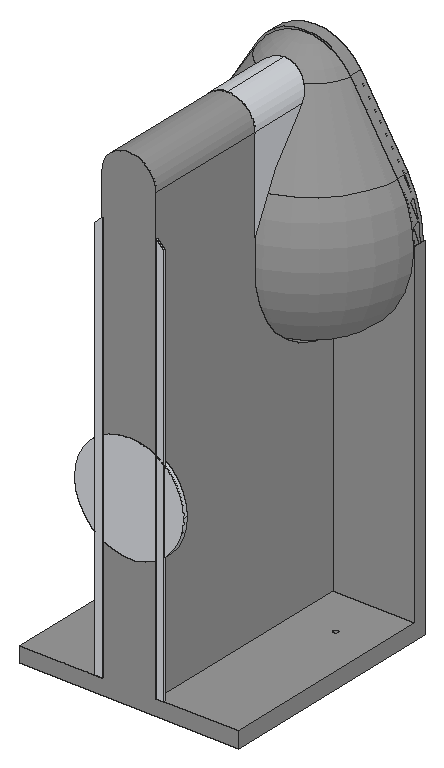
Revit family "Toilet-Willoughby-ASETF-1490-FM-FA-12-TS", category Plumbing Fixtures, Revit 2015
Parameters (values of type "Standard")
  Waste DIA = 2 3/8"
  Waste Connection = yes
  W-RAD [instance] = Waste DIA / 2  # 0' - 1 3/16"
  Vent Connection = no
  URL = "https://www.willoughby-ind.com/wp-content/uploads/2018/01/ASETF-1490-FM-FA.pdf"
  Type Comments = ""
  Revision = "A"
  Model = "ASETW-1490-FM-FA-10-TS"
  Manufacturer = "Willoughby Industries"
  HW Connection = no
  Flush inlet DIA = 1 1/2"
  Flush Inlet Connection = yes
  Fixture Body = Stainless Steel AISI 304-Willoughby
  F-RAD [instance] = Flush inlet DIA / 2  # 0' - 0 3/4"
  Description = "1490 Front Access, Ligature-Resistant, Floor Outlet and Mounted, Siphon Jet, 10\" Rough In"
  Default Elevation = 0' - 0"
  Contact Number = "(800) 428-4065"
  CW Connection = no
Reference planes (in)
  plane 1 "Base": y = -16.25
  plane 2: z = 0
  plane 3 "Center": x = 18.31072
  plane 4 "Seat HGT": y = -1.25
  plane 5: y = -2.125
  plane 6: x = 16.56072
  plane 7: x = 20.06072
  plane 8: x = 13.81072
  plane 9: x = 22.81072
  plane 10: z = 2.70924
  plane 11: z = -3
  plane 12: z = 25
  plane 13 "ext1": y = -8.29114
Forms (in)
  Extrusion 1, solid, material "Stainless Steel AISI 304-Willoughby" <- "Fixture Body"
    sketch origin (16.08109, 7.47968, -0.1422) x (-1, 0, 0) y (0, 0, -1)
      loop
        line (4.79769, -22.8922) -> (4.83287, -22.8922) -> (4.83287, -1.1422) -> (-9.29213, -1.1422) -> (-9.29213, -22.8922) -> (-9.20219, -22.8922)
        arc (-9.20219, -22.8922) -> (-8.94577, -24.74051) -> (-8.21015, -26.45542) r 7
        line (-8.21015, -26.45542) -> (-5.16818, -31.31054)
        arc (-5.16818, -31.31054) -> (-2.20225, -32.95225) -> (0.76368, -31.31054) r 3.5
        line (0.76368, -31.31054) -> (3.80565, -26.45542)
        arc (3.80565, -26.45542) -> (4.54128, -24.74051) -> (4.79769, -22.8922) r 7
      loop
        arc (2.03989, -24.70557) -> (-2.20225, -18.23804) -> (-6.44438, -24.70557) r 4.625
        line (-6.44438, -24.70557) -> (-4.04125, -30.23842)
        arc (-4.04125, -30.23842) -> (-2.20225, -31.45225) -> (-0.36324, -30.23842) r 2
        line (-0.36324, -30.23842) -> (2.03989, -24.70557)
    from 8.72968 to 9.5
  Revolve 2, solid, material "Stainless Steel AISI 304-Willoughby" <- "Fixture Body"
    sketch origin (19.37981, -1.52032, 3.06635) x (-1, 0, 0) y (0, 0, -1)
      loop
        line (1.06174, -12.59906) -> (1.06174, -12.84906)
        arc (1.06174, -12.84906) -> (6.96784, -16.33096) -> (6.78077, -23.18447) r 6.75
        line (6.78077, -23.18447) -> (5.22309, -25.66909)
        arc (5.22309, -25.66909) -> (3.40303, -27.84141) -> (1.06174, -29.43826) r 10.34445
        line (1.06174, -29.43826) -> (1.06174, -29.68826)
        arc (1.06174, -29.68826) -> (2.75672, -29.25045) -> (4.02767, -28.04656) r 3.5
        line (4.02767, -28.04656) -> (7.06964, -23.19143)
        arc (7.06964, -23.19143) -> (7.15052, -16.14555) -> (1.06174, -12.59906) r 7
      axis (1.06174, -12.59906) -> (1.06174, -29.68826)
    angle from 0 to -180
  Extrusion 3, solid, material "Stainless Steel AISI 304-Willoughby" <- "Fixture Body"
    sketch origin (19.53334, -3.02032, 2.0492) x (0, 1, 0) y (0, 0, 1)
      loop
        line (-5.27082, -1.0492) -> (1, -1.0492) -> (1, 13.80524)
        arc (1, 13.80524) -> (-3.15813, 15.45207) -> (-5.27082, 19.39398) r 6.50625
        line (-5.27082, 19.39398) -> (-5.27082, -1.0492)
    from 0.52738 to -2.97262
  Extrusion 4, solid, material "Stainless Steel AISI 304-Willoughby" <- "Fixture Body"
    sketch origin (0, 1.11185, 0) x (1, 0, 0) y (0, 0, 1)
      loop
        circle (18.31072, 2.70924) r 0.75
    from 2.36185 to 1.42435
  Extrusion 5, solid, material "Stainless Steel AISI 304-Willoughby" <- "Fixture Body"
    sketch origin (0, -16.25, 0) x (1, 0, 0) y (0, 0, 1)
      loop
        line (25.37322, 0) -> (25.37322, 1) -> (11.2834, 1) -> (11.2834, 0) -> (25.37322, 0)
    from -15 to 0
  Extrusion 6, solid, material "Stainless Steel AISI 304-Willoughby" <- "Fixture Body"
    sketch origin (0, -16.25, 7) x (1, 0, 0) y (0, 0, 1)
      loop
        line (20.06072, -6) -> (20.06072, 23.23467)
        arc (20.06072, 23.23467) -> (18.31072, 24.98467) -> (16.56072, 23.23467) r 1.75
        line (16.56072, 23.23467) -> (16.56072, -6) -> (20.06072, -6)
    from 0 to -7.95886
  Extrusion 7, solid
    sketch origin (0, -16.25, 7) x (1, 0, 0) y (0, 0, 1)
      loop
        line (20.06072, -6) -> (20.56072, -6) -> (20.56072, 20.125) -> (20.06072, 20.625) -> (20.06072, -6)
      loop
        line (16.58416, -6) -> (16.58416, 20.625) -> (16.08416, 20.125) -> (16.08416, -6) -> (16.58416, -6)
    from 0 to -0.0625
  Extrusion 8, solid
    sketch origin (0, -16.25, 0) x (1, 0, 0) y (0, 0, 1)
      loop
        circle (18.32831, 12) r 3.5
    from 0 to -0.25
  Extrusion 9, void
    sketch origin (0, 0, 0) x (1, 0, 0) y (0, 1, 0)
      loop
        circle (22.82831, -5.25) r 0.15625
      loop
        circle (13.82831, -5.25) r 0.15625
    from -0.25 to 1
  Extrusion 10, solid
    sketch origin (18.31072, 0, 0) x (0, 1, 0) y (0, 0, 1)
      loop
        line (-8.29114, 31.98467) -> (-8.29114, 24.23467)
        arc (-8.29114, 24.23467) -> (-5.97081, 28.5212) -> (-2.54114, 31.98467) r 17.19944
        line (-2.54114, 31.98467) -> (-8.29114, 31.98467)
    from -1.75 to 1.75
  Extrusion 11, void
    sketch origin (0, -8.29114, 0) x (-1, 0, 0) y (0, 0, 1)
      loop
        line (-16.56072, 30.23467) -> (-16.56072, 31.98467) -> (-18.31072, 31.98467)
        arc (-18.31072, 31.98467) -> (-17.07328, 31.4721) -> (-16.56072, 30.23467) r 1.75
    from 0 to 5.75
  Extrusion 12, void
    sketch origin (0, -8.29114, 0) x (-1, 0, 0) y (0, 0, 1)
      loop
        arc (-20.06072, 30.23467) -> (-19.54816, 31.4721) -> (-18.31072, 31.98467) r 1.75
        line (-18.31072, 31.98467) -> (-20.06072, 31.98467) -> (-20.06072, 30.23467)
    from 0 to 5.75
Cuts and joins
  Extrusion 9, Extrusion 11, Extrusion 12 cuts Extrusion 1
  Extrusion 9, Extrusion 11, Extrusion 12 cuts Extrusion 3
  Extrusion 9, Extrusion 11, Extrusion 12 cuts Extrusion 5
  Extrusion 9, Extrusion 11, Extrusion 12 cuts Extrusion 6
  joined: Extrusion 1, Extrusion 3, Extrusion 5, Extrusion 6
  Extrusion 11, Extrusion 12 cuts Extrusion 10
Lines and regions (in)
  symbolic lines
    curve 1: line (11.28334, -2.02032, 0) -> (11.28334, -1.25, 0)
    curve 2: line (11.28334, -1.25, 0) -> (25.28334, -1.25, 0)
    curve 3: line (25.28334, -1.25, 0) -> (25.28334, -2.02032, 0)
    curve 4: arc (25.28334, -2.02032, 0) -> (23.0776, -6.6446, 0) -> (18.31072, -8.52239, 0) r 6.98983
    curve 5: arc (18.31072, -8.52239, 0) -> (13.52369, -6.64758, 0) -> (11.28334, -2.02032, 0) r 7.04842
    curve 6: line (22.81072, -6.88104, 0) -> (22.81072, -16.25, 0)
    curve 7: line (22.81072, -16.25, 0) -> (13.81072, -16.25, 0)
    curve 8: line (13.81072, -16.25, 0) -> (13.81072, -6.89908, 0)
    curve 9: line (16.56072, -8.30173, 0) -> (16.56072, -16.25, 0)
    curve 10: line (20.06072, -8.29974, 0) -> (20.06072, -16.25, 0)
    curve 11: line (14.78334, -16.25, 9.65867) -> (14.78334, -16.25, 1)
    curve 12: line (14.78334, -16.25, 1) -> (13.81072, -16.25, 1)
    curve 13: line (13.81072, -16.25, 1) -> (13.81072, -16.25, 0)
    curve 14: line (13.81072, -16.25, 0) -> (22.81072, -16.25, 0)
    curve 15: line (22.81072, -16.25, 0) -> (22.81072, -16.25, 1)
    curve 16: line (22.81072, -16.25, 1) -> (21.81072, -16.25, 1)
    curve 17: line (21.81072, -16.25, 1) -> (21.81072, -16.25, 9.67456)
    curve 18: arc (21.81072, -16.25, 9.67456) -> (25.08799, -16.25, 13.93608) -> (24.32597, -16.25, 19.25778) r 6.9206
    curve 19: line (24.32597, -16.25, 19.25778) -> (21.24927, -16.25, 24.16835)
    curve 20: arc (21.24927, -16.25, 24.16835) -> (19.97832, -16.25, 25.37224) -> (18.28334, -16.25, 25.81005) r 3.5
    curve 21: arc (18.28334, -16.25, 25.81005) -> (16.58835, -16.25, 25.37224) -> (15.31741, -16.25, 24.16835) r 3.5
    curve 22: line (15.31741, -16.25, 24.16835) -> (12.35249, -16.25, 19.43905)
    curve 23: arc (12.35249, -16.25, 19.43905) -> (11.49002, -16.25, 14.03241) -> (14.78334, -16.25, 9.65867) r 7
    curve 29: line (18.31072, -8.4296, 16.67525) -> (18.31072, -16.25, 16.67525)
    curve 30: line (18.31072, -16.25, 16.67525) -> (18.31072, -16.25, 0)
    curve 31: line (18.31072, -16.25, 0) -> (18.31072, -1.25, 0)
    curve 32: line (18.31072, -1.25, 0) -> (18.31072, -1.25, 25.81005)
    curve 33: line (18.31072, -1.25, 25.81005) -> (18.31072, -2.02032, 25.81005)
    curve 34: arc (18.31072, -2.02032, 25.81005) -> (18.31072, -3.29152, 25.30605) -> (18.31072, -4.30177, 24.38445) r 3.79748
    curve 35: line (18.31072, -4.30177, 24.38445) -> (18.31072, -7.52822, 19.25778)
    curve 36: arc (18.31072, -7.52822, 19.25778) -> (18.31072, -8.12539, 18.01764) -> (18.31072, -8.4296, 16.67525) r 6.10578
    curve 37: arc (18.31072, -8.4296, 16.67525) -> (18.31072, -8.31403, 15.24489) -> (18.31072, -8.29114, 13.81005) r 22.19593
    curve 38: arc (18.31072, -8.29114, 13.81005) -> (18.31072, -5.95289, 10.31029) -> (18.31072, -2.02032, 8.81005) r 6.92744
    curve 39: line (18.31072, -1.25, 9.65867) -> (18.31072, -2.02032, 9.65867)
    curve 40: line (18.31072, -2.02032, 9.65867) -> (18.31072, -2.02032, 1)
    curve 41: line (18.31072, -2.02032, 1) -> (18.31072, -16.25, 1)
    curve 42: line (20.06072, -8.29974, 0) -> (20.06072, -4.61725, 0)
    curve 43: line (16.56072, -4.5864, 0) -> (16.56072, -8.30173, 0)
    curve 44: line (18.31072, -8.30956, 24.98711) -> (18.31072, -3.72908, 24.98711)
  symbolic lines, detail levels fine
    curve 24: arc (14.0412, -16.25, 17.56337) -> (18.28334, -16.25, 11.09585) -> (22.52547, -16.25, 17.56337) r 4.625
    curve 25: line (22.52547, -16.25, 17.56337) -> (20.12234, -16.25, 23.09622)
    curve 26: arc (20.12234, -16.25, 23.09622) -> (19.38317, -16.25, 23.97635) -> (18.28334, -16.25, 24.31005) r 2.01767
    curve 27: arc (18.28334, -16.25, 24.31005) -> (17.17969, -16.25, 23.98213) -> (16.44433, -16.25, 23.09622) r 1.9827
    curve 28: line (16.44433, -16.25, 23.09622) -> (14.0412, -16.25, 17.56337)
Dimensions and locks (in)
  locked: plane 1 "Base" to plane 4 "Seat HGT" at 15
  plane 8 to plane 3 "Center" = 0' - 4 1/2"
  plane 8 to plane 9 = 0' - 9"
  plane 12 to level = 2' - 1"
  "F-RAD": radius of Extrusion 4 sketch curve
  aligned and locked: plane 3 "Center" to Extrusion 4 sketch curve
  aligned and locked: plane 10 to Extrusion 4 sketch curve
  aligned and locked: Extrusion 1 to Revolve 2
  aligned and locked: cut or joined group of Extrusion 1, Extrusion 3, Extrusion 5, Extrusion 6, Extrusion 9, Extrusion 11, Extrusion 12 to Extrusion 1
  aligned and locked: Extrusion 7 to cut or joined group of Extrusion 1, Extrusion 3, Extrusion 5, Extrusion 6, Extrusion 9, Extrusion 11, Extrusion 12
  aligned and locked: plane 13 "ext1" to cut or joined group of Extrusion 1, Extrusion 3, Extrusion 5, Extrusion 6, Extrusion 9, Extrusion 11, Extrusion 12
Automatic sketch dimensions
  curve 20 to curve 21 = 0' - 0"  (x2)
  curve 23 to curve 24 = 0' - 0"  (x2)
  curve 14 to level = 0' - 0"
  curve 14 to plane 8 = 0' - 0"
  curve 15 to plane 9 = 0' - 0"
  curve 22 to plane 8 = 0' - 1.45823"
  plane 8 to curve 28 = 0' - 0 59/256"
  curve 12 to curve 11 = 0' - 0.97262"
  curve 22 to plane 6 = 0' - 1.24331"
  curve 28 to plane 6 = 0' - 0.11639"
  curve 26 to plane 3 "Center" = 0' - 0.03902"
  curve 26 to curve 27 = 0' - 0.0002"
  curve 24 to plane 3 "Center" = 0' - 0.02738"
  curve 27 to curve 21 = 0' - 0.01144"
  plane 3 "Center" to curve 18 = 0' - 0.08339"
  plane 7 to curve 25 = 0' - 0.06162"
  curve 19 to plane 12 = 0' - 0.83165"
  plane 7 to curve 19 = 0' - 1.18855"
  curve 17 to plane 9 = 0' - 1"
  curve 25 to plane 9 = 0' - 0.28525"
  plane 9 to curve 19 = 0' - 1.51526"
  level to curve 12 = 0' - 1"
  level to curve 16 = 0' - 1"
  plane 10 to curve 11 = 0' - 6.94943"
  plane 10 to curve 17 = 0' - 6.96532"
  curve 17 to curve 18 = 0' - 6.01843"
  curve 18 to curve 24 = 0' - 0.02786"
  curve 25 to curve 18 = 0' - 1.6944"
  curve 26 to plane 12 = 0' - 2.70758"
  curve 26 to curve 20 = 0' - 0.01763"
  curve 20 to curve 27 = 0' - 0.01733"
  curve 28 to curve 22 = 0' - 1.07212"
  curve 25 to curve 19 = 0' - 1.07212"
  level to Extrusion 3 sketch curve = 0' - 1"
  plane 5 to Extrusion 3 sketch curve = 0' - 0.10468"
  plane 5 to Extrusion 3 sketch curve = 0' - 0.27542"
  plane 10 to Extrusion 3 sketch curve = 1' - 1.1452"
  Extrusion 3 sketch curve to Extrusion 3 sketch curve = 0' - 5.58874"
  Extrusion 5 sketch curve to level = 0' - 0"
  Extrusion 5 sketch curve to plane 8 = 0' - 2.52732"
  plane 9 to Extrusion 5 sketch curve = 0' - 2 9/16"
  level to Extrusion 5 sketch curve = 0' - 1"
  level to Extrusion 6 sketch curve = 0' - 1"
  Extrusion 6 sketch curve to plane 6 = 0' - 0"
  Extrusion 6 sketch curve to plane 3 "Center" = 0' - 0"
  plane 12 to Extrusion 6 sketch curve = 0' - 5.23467"
  Revolve 2 sketch curve to Revolve 2 sketch curve = 0' - 0"  (x2)
  plane 9 to Revolve 2 sketch curve = 0' - 0.11048"
  plane 3 "Center" to Revolve 2 sketch curve = 0' - 0.00736"  (x3)
  plane 12 to Revolve 2 sketch curve = 0' - 6.11291"
  Revolve 2 sketch curve to plane 6 = 0' - 1.20857"
  plane 8 to Revolve 2 sketch curve = 0' - 0.346"
  Revolve 2 sketch curve to plane 8 = 0' - 1.21168"
  Revolve 2 sketch curve to Revolve 2 sketch curve = 0' - 0.28887"
  plane 12 to Revolve 2 sketch curve = 0' - 7.50461"
  Revolve 2 sketch curve to Revolve 2 sketch curve = 0' - 0 1/4"
  Revolve 2 sketch curve to Revolve 2 sketch curve = 0' - 2.37746"
  Revolve 2 sketch curve to Revolve 2 sketch curve = 0' - 2.47766"
  Revolve 2 sketch curve to Revolve 2 sketch curve = 0' - 0.00696"
  Revolve 2 sketch curve to Revolve 2 sketch curve = 0' - 0.57536"
  Revolve 2 sketch curve to Revolve 2 sketch curve = 0' - 3 1/4"
  Revolve 2 sketch curve to Revolve 2 sketch curve = 0' - 2.4108"
  plane 4 "Seat HGT" to curve 1 = 0' - 0"
  plane 1 "Base" to curve 7 = 0' - 0"
  curve 7 to plane 8 = 0' - 0"
  curve 9 to plane 6 = 0' - 0"
  curve 4 to plane 3 "Center" = 0' - 0"
  curve 10 to plane 7 = 0' - 0"
  curve 6 to plane 9 = 0' - 0"
  curve 5 to plane 3 "Center" = 0' - 0"
  plane 5 to curve 1 = 0' - 0.10468"
  curve 1 to plane 8 = 0' - 2.52738"
  curve 5 to plane 3 "Center" = 0' - 0.00017"
  plane 9 to curve 3 = 0' - 2.47262"
  plane 5 to curve 3 = 0' - 0.10468"
  plane 4 "Seat HGT" to curve 4 = 0' - 0.28257"
  curve 43 to curve 9 = 0' - 0"
  curve 30 to plane 1 "Base" = 0' - 0"
  curve 33 to plane 4 "Seat HGT" = 0' - 0"
  curve 32 to level = 0' - 0"
  plane 1 "Base" to curve 37 = 1' - 2.23409"
  curve 36 to curve 35 = 0' - 0.90137"
  curve 36 to plane 5 = 0' - 0.23566"
  plane 5 to curve 33 = 0' - 0.10468"
  plane 5 to curve 40 = 0' - 0.10468"
  plane 4 "Seat HGT" to curve 38 = 0' - 0.38413"
  plane 4 "Seat HGT" to curve 34 = 0' - 0.02916"
  level to curve 40 = 0' - 1"
  plane 10 to curve 39 = 0' - 6.94943"
  curve 37 to plane 12 = 0' - 10.82646"
  curve 39 to curve 38 = 0' - 6.06805"
  curve 38 to curve 36 = 0' - 0.27887"
  curve 29 to plane 12 = 0' - 8.32475"
  curve 35 to plane 12 = 0' - 0.61555"
  curve 44 to plane 12 = 0' - 0.01289"
  curve 37 to curve 38 = 0' - 0.13846"
  curve 34 to curve 44 = 0' - 0.57268"
  Extrusion 7 sketch curve to plane 7 = 0' - 0"
  plane 6 to Extrusion 7 sketch curve = 0' - 0 3/128"
  Extrusion 7 sketch curve to plane 6 = 0' - 0 61/128"
  plane 7 to Extrusion 7 sketch curve = 0' - 0 1/2"
  level to Extrusion 7 sketch curve = 0' - 1"  (x2)
  plane 12 to Extrusion 7 sketch curve = 0' - 2 1/8"
  Extrusion 7 sketch curve to Extrusion 7 sketch curve = 0' - 0"
  Extrusion 7 sketch curve to Extrusion 7 sketch curve = 0' - 0 1/2"  (x2)
  plane 8 to Extrusion 9 sketch curve = 0' - 0.01759"
  plane 9 to Extrusion 9 sketch curve = 0' - 0.01759"
  Extrusion 1 sketch curve to Extrusion 1 sketch curve = 0' - 0"  (x6)
  Extrusion 1 sketch curve to Extrusion 1 sketch curve = 0' - 0.08994"
  plane 9 to Extrusion 1 sketch curve = 0' - 1.48052"
  Extrusion 1 sketch curve to plane 9 = 0' - 0.28525"
  plane 7 to Extrusion 1 sketch curve = 0' - 1.18855"
  plane 7 to Extrusion 1 sketch curve = 0' - 0.06162"
  Extrusion 1 sketch curve to plane 3 "Center" = 0' - 0.02738"  (x2)
  Extrusion 1 sketch curve to plane 6 = 0' - 0.11639"
  plane 12 to Extrusion 1 sketch curve = 0' - 6.16835"
  Extrusion 1 sketch curve to plane 6 = 0' - 1.24331"
  plane 8 to Extrusion 1 sketch curve = 0' - 0 59/256"
  Extrusion 1 sketch curve to plane 8 = 0' - 1.53528"
  Extrusion 1 sketch curve to plane 8 = 0' - 2.52732"
  Extrusion 1 sketch curve to plane 8 = 0' - 2 9/16"
  Extrusion 1 sketch curve to Extrusion 1 sketch curve = 0' - 1.07212"
  Extrusion 1 sketch curve to Extrusion 1 sketch curve = 0' - 0.78617"
  Extrusion 1 sketch curve to Extrusion 1 sketch curve = 0' - 3.783"  (x2)
  Extrusion 1 sketch curve to Extrusion 1 sketch curve = 0' - 1.74985"
  Extrusion 1 sketch curve to Extrusion 1 sketch curve = 0' - 1.81337"
  level to Extrusion 1 sketch curve = 0' - 1"
  plane 9 to Extrusion 1 sketch curve = 0' - 2.47256"
  plane 3 "Center" to Extrusion 8 sketch curve = 0' - 0.01759"
  plane 10 to Extrusion 8 sketch curve = 0' - 9.29076"
  Extrusion 10 sketch curve to plane 12 = 0' - 6.72703"
  plane 12 to Extrusion 10 sketch curve = 0' - 6.98467"
  Extrusion 10 sketch curve to plane 5 = 0' - 0.41614"
  Extrusion 10 sketch curve to plane 12 = 0' - 0.76533"
  curve 42 to plane 7 = 0' - 0"
  curve 42 to plane 5 = 0' - 2.49225"
  curve 43 to plane 5 = 0' - 2.4614"
  curve 29 to curve 36 = 0' - 6.06894"
  curve 35 to curve 33 = 0' - 2.28144"
  curve 44 to curve 34 = 0' - 4.00779"
  Extrusion 3 sketch curve to Extrusion 3 sketch curve = 0' - 6.27082"
  Extrusion 9 sketch curve to plane 5 = 0' - 3 1/8"  (x2)
  Extrusion 10 sketch curve to Extrusion 10 sketch curve = 0' - 5 3/4"
  Extrusion 11 sketch curve to plane 3 "Center" = 0' - 0"
  plane 6 to Extrusion 11 sketch curve = 0' - 0"
  plane 12 to Extrusion 11 sketch curve = 0' - 5.23467"
  plane 7 to Extrusion 12 sketch curve = 0' - 0"
  Extrusion 12 sketch curve to plane 3 "Center" = 0' - 0"
  plane 12 to Extrusion 12 sketch curve = 0' - 5.23467"
  radius of Extrusion 9 sketch curve = 0' - 0 5/32"  (x2)
  radius of Extrusion 8 sketch curve = 0' - 3 1/2"
Connectors (in)
  piping at (18.31072, -0.3125, 2.70924), diameter 1.5, driven by "F-RAD", driven by "Flush Inlet Connection"
    settings: on Extrusion 4, index 2, connector inside diameter 1 1/2", connector length 0' - 0", flow factor 0, pipe flow 1.6 GPM, pressure drop 0.00 psi, fitting loss kfactor 0, connector angle 0.00°, fixture units 0, engagement length 0' - 0", angle of deflection 0.00°, flow configuration 0, flow direction 1, fitting loss method 0, system type 20, joint type 0, gender type 0, connector reference index -1, connector utility 1, adjustable connector no, is connector primary yes, connector description "Flush Inlet"
  piping at (18.32831, -16.25, 12), diameter 2.5
    settings: on Extrusion 8, index 3, connector inside diameter 24", connector length 0' - 0", flow factor 0, pipe flow 0 GPM, pressure drop 0.00 psi, fitting loss kfactor 0, connector angle 0.00°, fixture units 0, engagement length 0' - 0", angle of deflection 0.00°, flow configuration 0, flow direction 0, fitting loss method 0, system type 7, joint type 0, gender type 0, connector reference index -1, connector utility 0, adjustable connector no, is connector primary no, connector description ""
